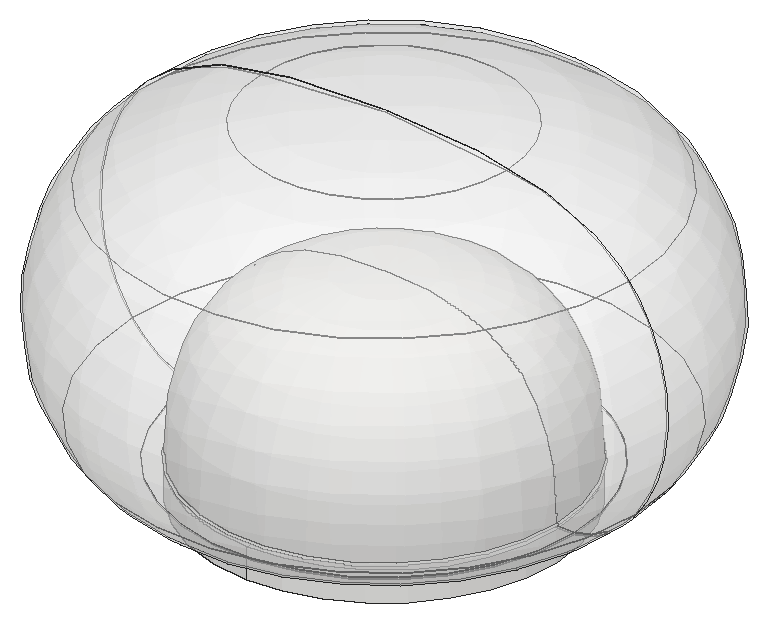
Revit family "Lighting_Ceiling-Mounted_Zero_Mist_Ceiling", category Lighting Fixtures, host Face, Revit 2020
Family settings
  Host = Face
  Round Connector Dimension = Use Diameter
  Part Type = Normal
  OmniClass Number = 23.80.70.00
  OmniClass Title = Lighting
  Cut with Voids When Loaded = No
  Light Source = Yes
  Shared = No
  Room Calculation Point = No
Parameters (values of type "Mist LED 1535LM/18W 350mm HFF Opalwhite")
  Youtube clip = ""
  Weight Net (Kg) = "3.8"
  Wattage = 10.3338 W
  WarrantyStartDate [instance] = "n/a"
  WarrantyGuarantorParts = "n/a"
  WarrantyGuarantorLabor = "n/a"
  WarrantyDurationUnit = "Year"
  WarrantyDurationParts = "n/a"
  WarrantyDurationLabor = "n/a"
  WarrantyDescription = "n/a"
  built-in parameter 1150110 = 1 (stored number, unit not read)
  VersionDate = "31/08/2023"  # constant formula
  Version = "3"  # constant formula
  UsageCurrent = 0 A
  Uniformat II Description = ""
  Uniformat II Code = ""
  Uniclass2015Reference = "Pr_70_70_48_85"
  Uniclass2015Description = "Surface luminaires"
  Uniclass2 = "Pr_70_70_49"
  Uniclass 2015 Name = ""
  Uniclass 2015 Code = ""
  Uniclass 2.0 Description = ""
  Uniclass 2.0 Code = ""
  Uniclass 1.4 Description = ""
  Uniclass 1.4 Code = ""
  URL = "https://www.zerolighting.com/mist-inomta"
  UNSPSC Code = ""
  TotalWattage = 18 W
  built-in parameter 1114217 = 1 (stored number, unit not read)
  Tilt Angle = 90.00°
  built-in parameter 1150109 = 1 (stored number, unit not read)
  built-in parameter 1150134 = 3
  Technical description = ""
  TagNumber [instance] = "n/a"
  SustainabilityPerformance = "n/a"
  built-in parameter 1150113 = 1 (stored number, unit not read)
  Size = "350x350x212 mm"
  Shape = "Sculptured"
  SerialNumber [instance] = "n/a"
  Revision = "5"  # constant formula
  ReplacementCost = "n/a"
  Region South America = "None"
  Region Oceania = "AU, NZ"
  Region North America = "BZ, CR, GT, HN, MX, NI, PA, SV, US"
  Region Middle East = "AE"
  Region Europe = "AD, AL, AT, AX, BA, BE, BG, BY, CH, CY, CZ, DE, DK, EE, ES, FI, FO, FR, GB, GG, GI, GR, HR, HU, IE, IM, IS, IT, JE, LI, LT, LU, LV, MC, MD, ME, MK, MT, NL, NO, PL, PT, RO, RS, RU, SE, SI, SJ, SK, SM, UA, VA"
  Region Asia = "HK, JP, SG"
  Region Antarctica = "None"
  Region Africa = "None"
  ProductInformation = "n/a"
  Product group = "Ceiling/wall"
  Product family = "Mist"
  Product certification = ""
  Product SKU = "Mist_wall_ceiling"
  Product Guid = "9c4d714b-298a-4737-941b-f70a26cfeff4"
  Photometric Web File = "Mist83663-ceiling.IES"
  PhaseReference = "n/a"
  PhaseAngle = 0.00°
  OmniClass Description = ""
  OmniClass Code = ""
  NumberOfSources = 0
  NumberOfPoles = 1
  NominalVoltageCalc = 0 V
  NominalVoltage = 230 V
  NominalRadius = 175 mm
  NominalLength = 350 mm
  NominalFrequencyRange = 50 Hz
  NominalDiameter = 350 mm
  NominalCurrent = 0 A
  Nominal width = 0 mm
  Nominal height = 0 mm
  Name = "Zero_Mist_Ceiling"  # constant formula
  NBSReference = "90-60-50/405"
  NBSDescription = "General purpose luminaires"
  NBS Reference Description = ""
  NBS Reference Code = ""
  ModelType = mist-ceiling-350 : mist-ceiling-350
  Model = "Mist LED 1535LM/18W 350mm HFF Opalwhite"
  Material secondary = "Glass"
  Material main = "Steel"
  Masterformat 2014 Description = ""
  Masterformat 2014 Code = ""
  Manufacturer name = "ZERO"
  Manufacturer country = "Sweden"
  Manufacturer = "Zero"
  ModelReference = "n/a"
  ModelNumber = "8366-3-01HFF"
  Material = "Metal, glass"
  ManufacturersSpecificInformation = "n/a"
  ManufacturerURL = "https://www.zerolighting.com/"
  ManufacturerName = "Zero"
  MaintenanceFactor = 0
  built-in parameter 1150105 = 221.91 (stored number, unit not read)
  Lumens = 1535 lm
  built-in parameter 1150115 = 1 (stored number, unit not read)
  LightFixtureSecondaryMaterial = Opalwhite
  LightFixturePlacingType = "Wall/ceiling"
  LightFixtureMountingType = "Surface"
  LightFixtureMainMaterial = Opalwhite
  built-in parameter 1150137 = (empty or 0)
  built-in parameter 1150139 = (empty or 0)
  LensMaterial = Difused glass
  built-in parameter 1150112 = 1 (stored number, unit not read)
  built-in parameter 1150114 = 1 (stored number, unit not read)
  InsulationStandardClass = "n/a"
  InstallationDate [instance] = "n/a"
  Installation instructions = ""
  built-in parameter 1150132 = 2
  built-in parameter 1150102 = (empty or 0)
  built-in parameter 1150107 = 3200 (stored number, unit not read)
  built-in parameter 1150138 = (empty or 0)
  built-in parameter 1150106 = 2.2191 (stored number, unit not read)
  IfcExportType = "NOTDEFINED"  # constant formula
  IfcExportAs = "IfcLightFixtureType"  # constant formula
  IP_Code = "IP20"
  IFC Classification = ""
  HasProtectiveEarth = yes
  Grade = "n/a"
  GTIN code = ""
  Finish = "White painted metal"
  Features = "Terminalblock"
  ExpectedLife = "n/a"
  Emit from Circle Diameter = NominalDiameter  # 350 mm
  Emit Shape Visible in Rendering = no
  ElectricalDeviceNominalPower = 0
  built-in parameter 1150104 = 13.8 (stored number, unit not read)
  Edition number = 1
  EANNumber = "n/a"
  DurationUnit = "Year"
  Dimming Lamp Color Temperature Shift = <None>
  Dimming = "Dimmable with DALI, DSI, SwitchDim"
  Designer = "Front Design 2017"
  Design country = "Sweden"
  Default Elevation = 0 mm
  Date of publishing = ""
  Constituents = "n/a"
  Color Filter = 16777215
  Color = "Opal White"
  Collection = "Mist"
  CodePerformance = "n/a"
  Category = "Wall/ceiling"
  COBIe Type Category = ""
  Brand url = "http://www.zero.se"
  Brand = "Zero"
  Barcode [instance] = "n/a"
  built-in parameter 1114218 = 1 (stored number, unit not read)
  BIMObjectName = "Lighting_Ceiling-Mounted_Zero_Mist_Ceiling"  # constant formula
  Author = "BIMstone"  # constant formula
  built-in parameter 1150133 = 10 (stored number, unit not read)
  AssetType = "Fixed"
  AssetIdentifier [instance] = "n/a"
  ArticleNumber = "8366-3-01HFF"
  AccessibilityPerformance = "n/a"
Types (12, lengths in mm): name | Wattage | TotalWattage | Tilt Angle | Size | Photometric Web File | NominalRadius | NominalLength | NominalDiameter | ModelType | Model | ModelNumber | built-in parameter 1150105 | Lumens | LightFixtureSecondaryMaterial | LightFixtureMainMaterial | built-in parameter 1150106 | Emit from Circle Diameter | Dimming | Color | ArticleNumber
  Mist LED 880LM/9W 250mm Opalwhite | 5.92425 W | 9 W | 180.00° | "250x250x155 mm" | "Mist83661-wall_IES.IES" | 125 | 250 | 250 | mist-ceiling-250 : mist-ceiling-250 | "Mist LED 880LM/9W 250mm Opalwhite" | "8366-1-01" | 70.028 (stored number, unit not read) | 880 lm | Opalwhite | Opalwhite | 0.70028 (stored number, unit not read) | 250 | "None" | "Opal White" | "8366-1-01"
  Mist LED 880LM/9W 250mm HFF Opalwhite | 5.92425 W | 9 W | 180.00° | "250x250x155 mm" | "Mist83661-wall_IES.IES" | 125 | 250 | 250 | mist-ceiling-250 : mist-ceiling-250 | "Mist LED 880LM/9W 250mm HFF Opalwhite" | "8366-1-01HFF" | 70.028 (stored number, unit not read) | 880 lm | Opalwhite | Opalwhite | 0.70028 (stored number, unit not read) | 250 | "Dimmable with DALI, DSI, SwitchDim" | "Opal White" | "8366-1-01HFF"
  Mist LED 1535LM/18W 350mm Opalwhite | 10.3338 W | 18 W | 90.00° | "350x350x212 mm" | "Mist83663-ceiling.IES" | 175 | 350 | 350 | mist-ceiling-350 : mist-ceiling-350 | "Mist LED 1535LM/18W 350mm Opalwhite" | "8366-3-01" | 221.91 (stored number, unit not read) | 1535 lm | Opalwhite | Opalwhite | 2.2191 (stored number, unit not read) | 350 | "None" | "Opal White" | "8366-3-01"
  Mist LED 1535LM/18W 350mm HFF Opalwhite | 10.3338 W | 18 W | 90.00° | "350x350x212 mm" | "Mist83663-ceiling.IES" | 175 | 350 | 350 | mist-ceiling-350 : mist-ceiling-350 | "Mist LED 1535LM/18W 350mm HFF Opalwhite" | "8366-3-01HFF" | 221.91 (stored number, unit not read) | 1535 lm | Opalwhite | Opalwhite | 2.2191 (stored number, unit not read) | 350 | "Dimmable with DALI, DSI, SwitchDim" | "Opal White" | "8366-3-01HFF"
  Mist LED 880LM/9W 250mm Yellow | 5.92425 W | 9 W | 180.00° | "250x250x155 mm" | "Mist83661-wall_IES.IES" | 125 | 250 | 250 | mist-ceiling-250 : mist-ceiling-250 | "Mist LED 880LM/9W 250mm Yellow" | "8366-1-14" | 70.028 (stored number, unit not read) | 880 lm | Yellow | Yellow | 0.70028 (stored number, unit not read) | 250 | "None" | "Yellow" | "8366-1-14"
  Mist LED 880LM/9W 250mm HFF Yellow | 5.92425 W | 9 W | 180.00° | "250x250x155 mm" | "Mist83661-wall_IES.IES" | 125 | 250 | 250 | mist-ceiling-250 : mist-ceiling-250 | "Mist LED 880LM/9W 250mm HFF Yellow" | "8366-1-14HFF" | 70.028 (stored number, unit not read) | 880 lm | Yellow | Yellow | 0.70028 (stored number, unit not read) | 250 | "Dimmable with DALI, DSI, SwitchDim" | "Yellow" | "8366-1-14HFF"
  Mist LED 880LM/9W 250mm Pink | 5.92425 W | 9 W | 180.00° | "250x250x155 mm" | "Mist83661-wall_IES.IES" | 125 | 250 | 250 | mist-ceiling-250 : mist-ceiling-250 | "Mist LED 880LM/9W 250mm Pink" | "8366-1-42" | 70.028 (stored number, unit not read) | 880 lm | Pink | Pink | 0.70028 (stored number, unit not read) | 250 | "None" | "Pink" | "8366-1-42"
  Mist LED 880LM/9W 250mm HFF Pink | 5.92425 W | 9 W | 180.00° | "250x250x155 mm" | "Mist83661-wall_IES.IES" | 125 | 250 | 250 | mist-ceiling-250 : mist-ceiling-250 | "Mist LED 880LM/9W 250mm HFF Pink" | "8366-1-42HFF" | 70.028 (stored number, unit not read) | 880 lm | Pink | Pink | 0.70028 (stored number, unit not read) | 250 | "Dimmable with DALI, DSI, SwitchDim" | "Pink" | "8366-1-42HFF"
  Mist LED 1535LM/18W 350mm Yellow | 10.3338 W | 18 W | 90.00° | "350x350x212 mm" | "Mist83663-ceiling.IES" | 175 | 350 | 350 | mist-ceiling-350 : mist-ceiling-350 | "Mist LED 1535LM/18W 350mm Yellow" | "8366-3-14" | 221.91 (stored number, unit not read) | 1535 lm | Yellow | Yellow | 2.2191 (stored number, unit not read) | 350 | "None" | "Yellow" | "8366-3-14"
  Mist LED 1535LM/18W 350mm Pink | 10.3338 W | 18 W | 90.00° | "350x350x212 mm" | "Mist83663-ceiling.IES" | 175 | 350 | 350 | mist-ceiling-350 : mist-ceiling-350 | "Mist LED 1535LM/18W 350mm Pink" | "8366-3-42" | 221.91 (stored number, unit not read) | 1535 lm | Pink | Pink | 2.2191 (stored number, unit not read) | 350 | "None" | "Pink" | "8366-3-42"
  Mist LED 1535LM/18W 350mm HFF Yellow | 10.3338 W | 18 W | 90.00° | "350x350x212 mm" | "Mist83663-ceiling.IES" | 175 | 350 | 350 | mist-ceiling-350 : mist-ceiling-350 | "Mist LED 1535LM/18W 350mm HFF Yellow" | "8366-3-14HFF" | 221.91 (stored number, unit not read) | 1535 lm | Yellow | Yellow | 2.2191 (stored number, unit not read) | 350 | "Dimmable with DALI, DSI, SwitchDim" | "Yellow" | "8366-3-14HFF"
  Mist LED 1535LM/18W 350mm HFF Pink | 10.3338 W | 18 W | 90.00° | "350x350x212 mm" | "Mist83663-ceiling.IES" | 175 | 350 | 350 | mist-ceiling-350 : mist-ceiling-350 | "Mist LED 1535LM/18W 350mm HFF Pink" | "8366-3-42HFF" | 221.91 (stored number, unit not read) | 1535 lm | Pink | Pink | 2.2191 (stored number, unit not read) | 350 | "Dimmable with DALI, DSI, SwitchDim" | "Pink" | "8366-3-42HFF"
Reference planes
  plane 1 "Center (Front/Back)": y = 0
  plane 2: z = 0
  plane 3 "Center (Left/Right)": x = 0
  plane 4: y = 175
  plane 5: y = -175
  plane 6: x = -175
  plane 7: x = 175
  plane 8: z = 212
Forms (mm)
  Extrusion 1, solid, material "Opalwhite" <- "LightFixtureMainMaterial", detail levels coarse
    sketch origin (0, 0, 0) x (0, 1, 0) y (0, 0, 1)
      loop
        line (175, 212) -> (-175, 212) -> (-175, 0) -> (175, 0) -> (175, 212)
    from -175 to 175
Dimensions and locks
  equal spacing: plane 4, plane 1 "Center (Front/Back)", plane 5
  plane 4 to plane 5 = 350 mm
  equal spacing: plane 6, plane 3 "Center (Left/Right)", plane 7
  "NominalLength": plane 6 to plane 7
  plane 8 to host face = 212 mm
  aligned and locked: plane 2 to host face
  aligned and locked: level to host face
  aligned and locked: plane 8 to Extrusion 1 sketch curve
  aligned and locked: Extrusion 1 sketch curve to level
  aligned and locked: Extrusion 1 to plane 6
  aligned and locked: plane 7 to Extrusion 1
  aligned and locked: plane 4 to Extrusion 1
  aligned and locked: Extrusion 1 to plane 5
Automatic sketch dimensions
  host sketch curve to host sketch curve = 2438.4 mm  (x2)
  plane 5 to Extrusion 1 sketch curve = 0 mm
  Extrusion 1 sketch curve to plane 4 = 0 mm
Nested families
  nested 1: "mist-ceiling-350" at (0, 0, 0), type <- "ModelType", Material1 <- "LightFixtureMainMaterial", Material2 <- "LensMaterial", Material3 <- "LightFixtureSecondaryMaterial", type "mist-ceiling-350"
    with Material3 Opalwhite, Material2 Difused glass, Material1 Opalwhite
Connectors
  electrical at (0, 0, 0), driven by "NominalVoltage"
    settings: on nested 1, index 1, voltage 230 V, apparent load 0 VA, apparent load phase1 0 VA, apparent load phase2 0 VA, apparent load phase3 0 VA, power factor 1, load classification "Other", number of poles 1, system type 31, power factor state 1, is connector primary yes, connector utility no, sub classification motor no, connector description ""
Definition of nested family "mist-ceiling-350"
  Parameters (values of type "mist-ceiling-350")
    Material3 [instance] = none
    Material2 [instance] = none
    Material1 [instance] = none
    Default Elevation = 0 mm
  Reference planes
    plane 1 "Center (Front/Back)": y = 0
    plane 2: z = 0
    plane 3 "Center (Left/Right)": x = 0
  Forms (mm)
    Revolve 1, solid, material <- "Material3", detail levels medium+fine
      sketch origin (0, 0, 156) x (1, 0, 0) y (0, 0, -1)
        loop
          arc (-106.749, 135) -> (-106.049, 134.686) -> (-105.716, 133.995) r 1.118
          spline (-105.716, 133.995) -> (-104.523, 108.51) -> (-101.637, 93.5) -> (-98.063, 83.014) -> (-93.974, 73.749) -> (-88.647, 65.257) -> (-81.33, 57.243) -> (-71.788, 49.756) -> (-60.412, 43.265) -> (-47.63, 38.263) -> (-33.644, 35.06) -> (-17.972, 33.401) -> (0, 32.928)
          line (0, 32.928) -> (0, 34.928) -> (-5, 34.928)
          arc (-5, 34.928) -> (-37.183, 38.578) -> (-67.732, 49.34) r 143.737
          arc (-67.732, 49.34) -> (-79.353, 57.696) -> (-89.25, 68.037) r 77.925
          arc (-89.25, 68.037) -> (-97.425, 85.082) -> (-101.782, 103.478) r 88.26
          arc (-101.782, 103.478) -> (-103.247, 118.707) -> (-103.715, 134) r 234.401
          arc (-103.715, 134) -> (-103.763, 134.507) -> (-103.892, 135) r 3.169
          line (-103.892, 135) -> (-106.749, 135)
        axis (0, 32.928) -> (0, 135)
      angle from 0 to 360
    Revolve 2, solid, material <- "Material2", detail levels medium+fine
      sketch origin (0, 0, 212) x (1, 0, 0) y (0, 0, -1)
        loop
          spline (-116.631, 193) -> (-143.896, 180.451) -> (-159.931, 161.41) -> (-169.62, 140.174) -> (-174.14, 118.682) -> (-174.096, 97.589) -> (-169.761, 76.69) -> (-161.037, 56.15) -> (-146.775, 37.235) -> (-125.639, 21.407) -> (-95.913, 9.793) -> (-54.959, 2.693) -> (0, 0.287)
          line (0, 0.287) -> (0, 1.734) -> (-75.349, 7.388)
          arc (-75.349, 7.388) -> (-115.8, 17.955) -> (-149.907, 42.136) r 116.375
          arc (-149.907, 42.136) -> (-173.645, 104.699) -> (-154.048, 168.68) r 103.271
          arc (-154.048, 168.68) -> (-137.584, 184.017) -> (-116.547, 192) r 58.458
          line (-116.547, 192) -> (-72.47, 192) -> (-72.47, 193) -> (-72.47, 194) -> (-73.47, 194) -> (-73.47, 193) -> (-116.631, 193)
        axis (0, 194) -> (0, 0.287)
      angle from 0 to 360
    Revolve 3, solid, material <- "Material1", detail levels medium+fine
      sketch origin (0, 0, 212) x (0, -1, 0) y (0, 0, -1)
        loop
          line (105.716, 194) -> (105.716, 212) -> (0, 212) -> (0, 194) -> (105.716, 194)
        axis (0, 212) -> (0, 194)
      angle from 0 to 360
  Lines and regions (mm)
    symbolic lines, detail levels medium+fine
      curve 1: line (0, 0, 0) -> (-105.716, 0, 0)
      curve 2: line (-105.716, 0, 0) -> (-105.716, 0, 18)
      curve 6: arc (-116.631, 0, 19) -> (-139.141, 0, 27.763) -> (-156.302, 0, 44.763) r 59.416
      curve 7: arc (-156.302, 0, 44.763) -> (-169.874, 0, 73.511) -> (-174.698, 0, 104.934) r 110.489
      curve 8: arc (-174.698, 0, 104.934) -> (-168.632, 0, 139.918) -> (-150.651, 0, 170.534) r 99.34
      curve 9: arc (-150.651, 0, 170.534) -> (-121.786, 0, 192.277) -> (-87.62, 0, 204.048) r 115.629
      curve 10: arc (-87.62, 0, 204.048) -> (-44.025, 0, 210.339) -> (0, 0, 211.713) r 393.045
      curve 13: line (0, 0, 0) -> (0, 105.716, 0)
      curve 14: line (0, 105.716, 0) -> (0, 105.716, 18)
      curve 18: arc (0, 116.631, 19) -> (0, 135.391, 25.54) -> (0, 150.879, 37.984) r 58.473
      curve 19: arc (0, 150.879, 37.984) -> (0, 167.931, 66.931) -> (0, 174.629, 99.854) r 101.769
      curve 20: arc (0, 174.629, 99.854) -> (0, 169.106, 137.387) -> (0, 150.651, 170.534) r 105.393
      curve 21: arc (0, 150.651, 170.534) -> (0, 121.774, 192.253) -> (0, 87.62, 204.048) r 116.154
      curve 22: arc (0, 87.62, 204.048) -> (0, 44.013, 210.268) -> (0, 0, 212.019) r 432.341
      curve 25: arc (0, -174.646, 0) -> (-174.657, 0.011, 0) -> (0, 174.668, 0) r 174.657
      curve 26: arc (0, -174.646, 0) -> (174.657, 0.011, 0) -> (0, 174.668, 0) r 174.657
      curve 28: line (-105.716, 0, 19) -> (-116.631, 0, 19)
      curve 29: line (0, 0, 0) -> (105.716, 0, 0)
      curve 30: line (105.716, 0, 0) -> (105.716, 0, 18)
      curve 34: arc (116.631, 0, 19) -> (139.141, 0, 27.763) -> (156.302, 0, 44.763) r 59.416
      curve 35: arc (156.302, 0, 44.763) -> (169.874, 0, 73.511) -> (174.698, 0, 104.934) r 110.489
      curve 36: arc (174.698, 0, 104.934) -> (168.632, 0, 139.918) -> (150.651, 0, 170.534) r 99.34
      curve 37: arc (150.651, 0, 170.534) -> (121.786, 0, 192.277) -> (87.62, 0, 204.048) r 115.629
      curve 38: arc (87.62, 0, 204.048) -> (44.025, 0, 210.339) -> (0, 0, 211.713) r 393.045
      curve 42: line (105.716, 0, 19) -> (116.631, 0, 19)
      curve 44: line (0, 105.716, 19) -> (0, 116.631, 19)
      curve 45: line (0, 0, 0) -> (0, -105.716, 0)
      curve 46: line (0, -105.716, 0) -> (0, -105.716, 18)
      curve 50: arc (0, -116.631, 19) -> (0, -135.391, 25.54) -> (0, -150.879, 37.984) r 58.473
      curve 51: arc (0, -150.879, 37.984) -> (0, -167.931, 66.931) -> (0, -174.629, 99.854) r 101.769
      curve 52: arc (0, -174.629, 99.854) -> (0, -169.106, 137.387) -> (0, -150.651, 170.534) r 105.393
      curve 53: arc (0, -150.651, 170.534) -> (0, -121.774, 192.253) -> (0, -87.62, 204.048) r 116.154
      curve 54: arc (0, -87.62, 204.048) -> (0, -44.013, 210.268) -> (0, 0, 212.019) r 432.341
      curve 58: line (0, -105.716, 19) -> (0, -116.631, 19)
    symbolic lines, detail levels fine
      curve 3: line (-105.716, 0, 18) -> (-73.47, 0, 18)
      curve 4: line (-73.47, 0, 18) -> (-73.47, 0, 19)
      curve 5: line (-73.47, 0, 19) -> (-105.716, 0, 19)
      curve 11: line (-73.47, 0, 18) -> (0, 0, 18)
      curve 12: line (-73.47, 0, 19) -> (0, 0, 19)
      curve 15: line (0, 105.716, 18) -> (0, 73.47, 18)
      curve 16: line (0, 73.47, 18) -> (0, 73.47, 19)
      curve 17: line (0, 73.47, 19) -> (0, 105.716, 19)
      curve 23: line (0, 73.47, 18) -> (0, 0, 18)
      curve 24: line (0, 73.47, 19) -> (0, 0.091, 19)
      curve 31: line (105.716, 0, 18) -> (73.47, 0, 18)
      curve 32: line (73.47, 0, 18) -> (73.47, 0, 19)
      curve 33: line (73.47, 0, 19) -> (105.716, 0, 19)
      curve 39: line (73.47, 0, 18) -> (0, 0, 18)
      curve 40: line (73.47, 0, 19) -> (0, 0, 19)
      curve 47: line (0, -105.716, 18) -> (0, -73.47, 18)
      curve 48: line (0, -73.47, 18) -> (0, -73.47, 19)
      curve 49: line (0, -73.47, 19) -> (0, -105.716, 19)
      curve 55: line (0, -73.47, 18) -> (0, 0, 18)
      curve 56: line (0, -73.47, 19) -> (0, -0.091, 19)
      curve 59: arc (-106.749, 0, 0) -> (0, 106.749, 0) -> (106.749, 0, 0) r 106.749
      curve 60: arc (106.749, 0, 0) -> (0, -106.749, 0) -> (-106.749, 0, 0) r 106.749
      curve 61: line (-105.716, 0, 22.005) -> (-105.716, 0, 19)
      curve 62: line (-105.716, 0, 22.005) -> (0, 0, 123.114)
      curve 63: line (105.716, 0, 22.005) -> (105.716, 0, 19)
      curve 64: line (105.716, 0, 22.005) -> (0, 0, 123.114)
      curve 65: line (0, 105.716, 19) -> (0, 105.716, 22.005)
      curve 66: line (0, 105.716, 22.005) -> (0, 0, 123.387)
      curve 67: line (0, -105.716, 19) -> (0, -105.716, 22.005)
      curve 68: line (0, -105.716, 22.005) -> (0, 0, 123.387)
    symbolic lines, detail levels medium
      curve 27: line (-105.716, 0, 18) -> (-105.716, 0, 19)
      curve 41: line (105.716, 0, 18) -> (105.716, 0, 19)
      curve 43: line (0, 105.716, 18) -> (0, 105.716, 19)
      curve 57: line (0, -105.716, 18) -> (0, -105.716, 19)
  Dimensions and locks
    aligned and locked: level to plane 2
    aligned and locked: curve 59 to Revolve 1
    aligned and locked: curve 60 to Revolve 1
    aligned and locked: curve 61 to Revolve 1
    aligned and locked: curve 43 to curve 65
